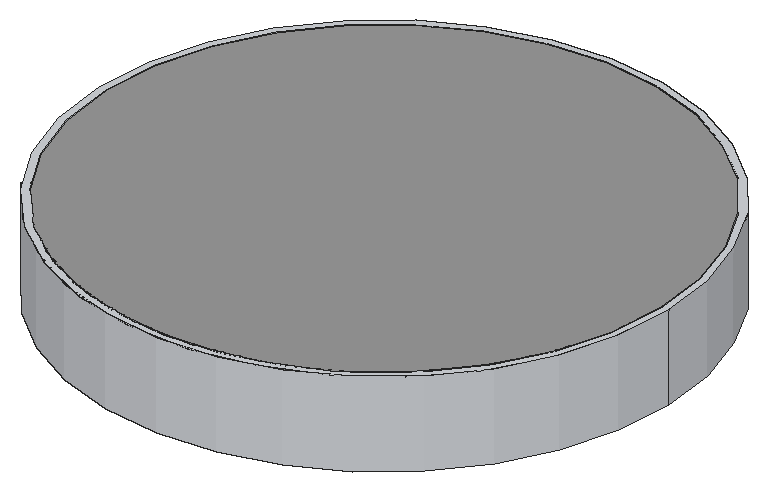
Revit family "2071334", category Lighting Fixtures, host Face, Revit 2018
Family settings
  Host = Face
  Round Connector Dimension = Use Diameter
  Part Type = Normal
  OmniClass Number = 23.80.70.00
  OmniClass Title = Lighting
  Cut with Voids When Loaded = No
  Light Source = Yes
  Shared = No
  Room Calculation Point = No
Parameters (values of type "2071334 COLOSSAL 400 HO 840 OP DIR+H WHT EM")
  iner diameter = 390 mm
  Weight = "n/a"
  Wattage Comments = ""
  Wattage = 30 W
  WarrantyStartDate [instance] = "n/a"
  WarrantyGuarantorParts = "n/a"
  WarrantyDurationUnit = "n/a"
  WarrantyDurationParts = ""
  WarrantyDescription = "http://www.sylvania-lighting.com"
  built-in parameter 1150110 = 1 (stored number, unit not read)
  Voltage = 230 V
  URL = "0.93"
  TypeName = "COLOSSAL 400mm HO 840 OPAL DIR+HAL WHITE EM"
  Type Image = <None>
  Type Comments = "n/a"
  built-in parameter 1114217 = 1 (stored number, unit not read)
  Tilt Angle = -90.00°
  built-in parameter 1150109 = 1 (stored number, unit not read)
  built-in parameter 1150134 = (empty or 0)
  built-in parameter 1150113 = 1 (stored number, unit not read)
  SerialNumber [instance] = "n/a"
  Photometric Web File = "2071334.ies"
  Material_3_SYL = LED-Sylvania
  PowerFactor = 0
  PowerConsumption = "Lighting"
  NominalLength = 400 mm
  NominalHeight = 93 mm
  NominalDepth = 400 mm
  Name = "COLOSSAL 400mm HO 840 OPAL DIR+HAL WHITE EM"
  ModelReference = Name  # "COLOSSAL 400mm HO 840 OPAL DIR+HAL WHITE EM"
  ModelNumber = "2071334"
  Model = Name  # "COLOSSAL 400mm HO 840 OPAL DIR+HAL WHITE EM"
  Material = "Feilo Sylvania"
  ManufacturerName = "130 lm/W"
  Manufacturer = ""
  LuminousEfficacy = ""
  built-in parameter 1150105 = 270.44 (stored number, unit not read)
  Lumens = 3398.4 lm
  LuminaireType = "0"
  built-in parameter 1150115 = 1 (stored number, unit not read)
  LightOutputRatio = "LED"
  built-in parameter 1150137 = (empty or 0)
  built-in parameter 1150139 = (empty or 0)
  LampsType = Lamp  # "n/a"
  LampNominalLuminous = "4000 K"
  LampMacAdamStep = "80"
  LampColourTemperature = "LED"
  LampColourRenderingIndex = "16500"
  built-in parameter 1150112 = 1 (stored number, unit not read)
  built-in parameter 1150114 = 1 (stored number, unit not read)
  Lamp = "n/a"
  Keynote = "n/a"
  InstallationDate [instance] = "n/a"
  InputVoltage = "0"
  InputNominalFrequency = "4000"
  built-in parameter 1150132 = (empty or 0)
  built-in parameter 1150102 = (empty or 0)
  built-in parameter 1150107 = 3000 (stored number, unit not read)
  built-in parameter 1150138 = (empty or 0)
  IngressProtection = "IfcLightFixtureType"
  ImpactProtectionIndex = "IfcLightFixtureType"
  built-in parameter 1150106 = 2.7044 (stored number, unit not read)
  IfcExportType = "IfcLightFixtureType"
  IfcExportAs = "Class I"
  Emit from Circle Diameter = 385 mm
  Emit Shape Visible in Rendering = no
  ElectricShockClassification = "130"
  built-in parameter 1150104 = 10.524 (stored number, unit not read)
  DocumentationLiterature = "http://www.sylvania-lighting.com/product/en-int/products/2071334"
  DimmingControlOptions = "n/a"
  Material_2_SYL = Polycarbonate_Sylvania_White
  Dimming Lamp Color Temperature Shift = <None>
  Description = "400mm diameter circular architectural luminaire, can be surface mounted or suspended. Powder coated aluminium housing (RAL9016) with polycarbonate opal diffuser. Direct/indirect (halo) light distribution, 3560lm luminuous flux, 27.3W system power, 130lm/W luminiaire efficacy. Constant current driver. 3 hours integrated emergency. Colour rendering index Ra >80, 4000K Neutral White LED, chromaticity tolerance of 3-step MacAdam ellipse. IP40, IK03. 600mA drive current. Electrical protection Class1, 220-240V. Reported lifetime 66k hours L90B10."
  Default Elevation = 1219.2 mm
  CreatedOn = "22/03/2022"
  CreatedBy = "@sylvania-lighting.com"
  Cost = 0
  Color Filter = 16777215
  built-in parameter 1114216 [instance] = (empty or 0)
  ClassificationValue = "EF_70_80"
  ClassificationName = "Uniclass2015"
  Material_1_SYL = Polycarbonate_Sylvania_Opal
  BarCode [instance] = "n/a"
  built-in parameter 1114218 = 1 (stored number, unit not read)
  built-in parameter 1150133 = 10 (stored number, unit not read)
  AssetType = "Fixed"
  AssetIdentifier [instance] = "n/a"
  Assembly Code = "D5020200"
  Apparent Load = 27.3 VA
  Material_4_SYL = none
Reference planes
  plane 1 "Center (Front/Back)": y = 0
  plane 2: z = 0
  plane 3 "Center (Left/Right)": x = 0
  plane 4: x = -200
  plane 5: x = 200
  plane 6: y = 200
  plane 7: y = -200
  plane 8: y = 236
  plane 9: y = -236
  plane 10: z = 93
  plane 11: y = 195
  plane 12: y = -195
  plane 13: y = 90.5
  plane 14: y = 144.5
  plane 15: through (52.25, 90.5, 1219.2) normal (0.866, 0.5, 0)
  plane 16: through (52.25, 90.5, 1219.2) normal (0.866, 0.5, 0)
  plane 17: through (63.706, 126.657, 1219.2) normal (0.866, 0.5, 0)
  plane 18: through (-104.5, 0, 1219.2) normal (-0.866, 0.5, 0)
  plane 19: through (-142.394, -9.633, 1219.2) normal (-0.866, 0.5, 0)
  plane 20: y = -90.5
  plane 21: y = -118.5
  plane 22: through (85.371, -141.133, 1219.2) normal (-0.866, 0.5, 0)
  plane 23: through (52.25, -90.5, 1219.2) normal (-0.866, 0.5, 0)
  plane 24: through (-161.658, 0, 1219.2) normal (0.866, 0.5, 0)
  plane 25: through (-172.12, 9.121, 1219.2) normal (0.866, 0.5, 0)
  plane 26: through (-104.5, 0, 1219.2) normal (0.866, 0.5, 0)
Forms (mm)
  Extrusion 1, solid, detail levels medium+fine
    sketch origin (0, 0, 0) x (1, 0, 0) y (0, 1, 0)
      loop
        circle (0, 0) r 200
    from 33.023 to 93
  Extrusion 2, void
    sketch origin (0, 0, 0) x (1, 0, 0) y (0, 1, 0)
      loop
        circle (0, 0) r 195
    from 93 to 37.292
  Extrusion 3, solid, material "Glass, White, High Luminance", detail levels fine
    sketch origin (0, 0, 0) x (1, 0, 0) y (0, 1, 0)
      loop
        circle (0, 0) r 195
    from 88.026 to 93
  Extrusion 4, solid, detail levels coarse
    sketch origin (0, 0, 0) x (1, 0, 0) y (0, 1, 0)
      loop
        line (-200, 200) -> (-200, -200) -> (200, -200) -> (200, 200) -> (-200, 200)
    from 0 to 93
  Blend 5, solid, detail levels medium+fine
    base sketch origin (0, 0, 0) x (1, 0, 0) y (0, 1, 0)
      loop
        line (-52.25, 90.5) -> (-104.5, 0) -> (-52.25, -90.5) -> (52.25, -90.5) -> (104.5, 0) -> (52.25, 90.5) -> (-52.25, 90.5)
    top sketch origin (0, 0, 0) x (1, 0, 0) y (0, 1, 0)
      loop
        line (-53.405, 144.5) -> (-149.245, -21.5) -> (-93.242, -118.5) -> (98.438, -118.5) -> (151.843, -26) -> (53.405, 144.5) -> (-53.405, 144.5)
    from 0 to 33.023
Cuts and joins
  Extrusion 2 cuts Extrusion 1
Dimensions and locks
  "NominalDepth": plane 6 to plane 7
  "NominalLength": plane 4 to plane 5
  equal spacing: plane 4, plane 3 "Center (Left/Right)", plane 5
  "iner diameter": plane 11 to plane 12
  equal spacing: plane 11, plane 1 "Center (Front/Back)", plane 12
  equal spacing: plane 6, plane 1 "Center (Front/Back)", plane 7
  "NominalHeight": plane 10 to level
  plane 19 to plane 18 = 28 mm
  radius of Extrusion 2 sketch curve = 195 mm
  aligned and locked: plane 2 to host face
  aligned and locked: level to host face
Automatic sketch dimensions
  host sketch curve to host sketch curve = 2438.4 mm  (x2)
  plane 1 "Center (Front/Back)" to Extrusion 1 sketch curve = 0 mm
  Extrusion 1 sketch curve to plane 3 "Center (Left/Right)" = 0 mm
  plane 1 "Center (Front/Back)" to Extrusion 2 sketch curve = 0 mm
  Extrusion 2 sketch curve to plane 3 "Center (Left/Right)" = 0 mm
  plane 1 "Center (Front/Back)" to Extrusion 3 sketch curve = 0 mm
  Extrusion 3 sketch curve to plane 3 "Center (Left/Right)" = 0 mm
  Extrusion 4 sketch curve to plane 4 = 0 mm
  Extrusion 4 sketch curve to plane 5 = 0 mm
  Extrusion 4 sketch curve to plane 7 = 0 mm
  Extrusion 4 sketch curve to plane 6 = 0 mm
  Blend 5 sketch curve to plane 19 = 0 mm  (x2)
  Blend 5 sketch curve to plane 24 = 0 mm  (x2)
  Blend 5 sketch curve to plane 21 = 0 mm
  Blend 5 sketch curve to plane 14 = 0 mm
  Blend 5 sketch curve to plane 17 = 0 mm  (x2)
  Blend 5 sketch curve to plane 22 = 0 mm  (x2)
  radius of Extrusion 1 sketch curve = 200 mm
  radius of Extrusion 3 sketch curve = 195 mm
Connectors
  electrical at (0, 0, 0), driven by "Apparent Load", driven by "PowerFactor", driven by "Voltage"
    settings: index 1, voltage 230 V, apparent load 27.3 VA, apparent load phase1 0 VA, apparent load phase2 0 VA, apparent load phase3 0 VA, power factor 0, load classification "Lighting", number of poles 1, system type 30, power factor state 1, is connector primary yes, connector utility no, sub classification motor no, connector description ""
